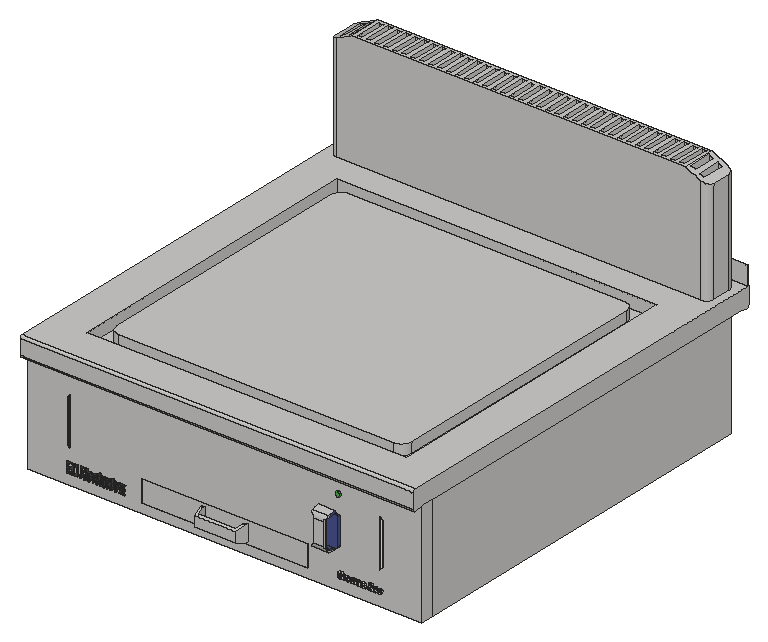
Revit family "QF_ELECTROLUXPROFESSIONAL_588504_MBLIBBHOPO", category Attrezzature speciali, Revit 2020 (continued)
Definition of nested family "Front_Panel_W800_One Knobs Right_Spie"
  Definition of nested family "ELX_Professional_Logo_Small"
    Forms (mm)
      Extrusion 2, solid, material <- "Material_Logo"
        sketch origin (15.5, 0, 0) x (1, 0, 0) y (0, 1, 0)
          loop
            spline (-42.99, -1.24) -> (-43.195, -1.231) -> (-43.415, -1.203) -> (-43.642, -1.152) -> (-43.87, -1.074) -> (-44.095, -0.966) -> (-44.309, -0.825) -> (-44.506, -0.647) -> (-44.681, -0.429) -> (-44.828, -0.167) -> (-44.94, 0.142) -> (-45.011, 0.501) -> (-45.037, 0.915)
            line (-45.037, 0.915) -> (-45.037, 2.748) -> (-38.984, 2.748) -> (-38.984, 5.086) -> (-45.038, 5.086) -> (-45.038, 8.489) -> (-38.599, 8.489) -> (-38.599, 10.82) -> (-47.515, 10.82) -> (-47.515, 1.021)
            spline (-47.515, 1.021) -> (-47.493, 0.418) -> (-47.425, -0.15) -> (-47.311, -0.682) -> (-47.15, -1.175) -> (-46.939, -1.628) -> (-46.678, -2.038) -> (-46.365, -2.404) -> (-46, -2.723) -> (-45.58, -2.995) -> (-45.105, -3.216) -> (-44.573, -3.385) -> (-43.983, -3.499)
            line (-43.983, -3.499) -> (-43.01, -3.569) -> (-38.426, -3.569) -> (-38.426, -1.24) -> (-42.99, -1.24)
          loop
            line (-36.666, 4.021) -> (-36.666, -3.573) -> (-34.188, -3.573) -> (-34.188, 10.824) -> (-36.666, 10.824) -> (-36.666, 4.021)
          loop
            spline (-21.915, 1.897) -> (-21.957, 2.615) -> (-22.082, 3.303) -> (-22.285, 3.955) -> (-22.563, 4.564) -> (-22.913, 5.124) -> (-23.331, 5.629) -> (-23.814, 6.074) -> (-24.359, 6.451) -> (-24.961, 6.755) -> (-25.618, 6.98) -> (-26.326, 7.119) -> (-27.081, 7.167)
            spline (-27.081, 7.167) -> (-27.853, 7.122) -> (-28.586, 6.99) -> (-29.275, 6.774) -> (-29.915, 6.478) -> (-30.5, 6.104) -> (-31.024, 5.657) -> (-31.483, 5.138) -> (-31.871, 4.553) -> (-32.182, 3.904) -> (-32.411, 3.194) -> (-32.552, 2.427) -> (-32.6, 1.606)
            spline (-32.6, 1.606) -> (-32.553, 0.805) -> (-32.416, 0.057) -> (-32.193, -0.637) -> (-31.887, -1.271) -> (-31.504, -1.843) -> (-31.048, -2.35) -> (-30.523, -2.788) -> (-29.934, -3.154) -> (-29.284, -3.444) -> (-28.579, -3.656) -> (-27.822, -3.785) -> (-27.019, -3.829)
            spline (-27.019, -3.829) -> (-26.627, -3.82) -> (-26.239, -3.79) -> (-25.856, -3.739) -> (-25.477, -3.663) -> (-25.103, -3.562) -> (-24.734, -3.432) -> (-24.369, -3.273) -> (-24.01, -3.082) -> (-23.655, -2.858) -> (-23.305, -2.597) -> (-22.96, -2.299) -> (-22.621, -1.962)
            line (-22.621, -1.962) -> (-24.114, -0.509)
            spline (-24.114, -0.509) -> (-24.311, -0.699) -> (-24.509, -0.872) -> (-24.71, -1.03) -> (-24.915, -1.172) -> (-25.126, -1.297) -> (-25.346, -1.407) -> (-25.576, -1.5) -> (-25.817, -1.576) -> (-26.072, -1.636) -> (-26.342, -1.678) -> (-26.629, -1.704) -> (-26.936, -1.713)
            spline (-26.936, -1.713) -> (-27.384, -1.691) -> (-27.805, -1.625) -> (-28.196, -1.518) -> (-28.556, -1.372) -> (-28.882, -1.187) -> (-29.174, -0.966) -> (-29.429, -0.71) -> (-29.645, -0.422) -> (-29.821, -0.102) -> (-29.955, 0.247) -> (-30.045, 0.623) -> (-30.089, 1.026)
            line (-30.089, 1.026) -> (-21.956, 1.026) -> (-21.915, 1.897)
          loop
            spline (-24.446, 2.769) -> (-24.47, 3.075) -> (-24.54, 3.37) -> (-24.654, 3.65) -> (-24.807, 3.913) -> (-24.996, 4.156) -> (-25.219, 4.376) -> (-25.472, 4.57) -> (-25.753, 4.736) -> (-26.057, 4.869) -> (-26.382, 4.968) -> (-26.724, 5.03) -> (-27.081, 5.051)
            spline (-27.081, 5.051) -> (-27.464, 5.03) -> (-27.832, 4.97) -> (-28.183, 4.872) -> (-28.513, 4.74) -> (-28.819, 4.577) -> (-29.099, 4.384) -> (-29.347, 4.165) -> (-29.563, 3.923) -> (-29.742, 3.659) -> (-29.881, 3.377) -> (-29.977, 3.079) -> (-30.027, 2.769)
            line (-30.027, 2.769) -> (-24.446, 2.769)
          loop
            spline (-18.167, 1.669) -> (-18.138, 2.13) -> (-18.055, 2.567) -> (-17.921, 2.978) -> (-17.739, 3.358) -> (-17.512, 3.705) -> (-17.243, 4.016) -> (-16.937, 4.287) -> (-16.596, 4.517) -> (-16.223, 4.7) -> (-15.823, 4.835) -> (-15.398, 4.919) -> (-14.951, 4.947)
            spline (-14.951, 4.947) -> (-14.677, 4.938) -> (-14.414, 4.913) -> (-14.162, 4.871) -> (-13.921, 4.812) -> (-13.69, 4.738) -> (-13.467, 4.649) -> (-13.254, 4.544) -> (-13.048, 4.424) -> (-12.85, 4.291) -> (-12.659, 4.143) -> (-12.474, 3.981) -> (-12.295, 3.806)
            line (-12.295, 3.806) -> (-10.76, 5.403)
            spline (-10.76, 5.403) -> (-11.065, 5.709) -> (-11.38, 5.984) -> (-11.703, 6.228) -> (-12.035, 6.443) -> (-12.375, 6.63) -> (-12.723, 6.788) -> (-13.078, 6.92) -> (-13.44, 7.026) -> (-13.809, 7.107) -> (-14.184, 7.164) -> (-14.564, 7.198) -> (-14.951, 7.209)
            spline (-14.951, 7.209) -> (-15.725, 7.161) -> (-16.467, 7.02) -> (-17.169, 6.792) -> (-17.826, 6.482) -> (-18.43, 6.096) -> (-18.976, 5.637) -> (-19.455, 5.112) -> (-19.862, 4.525) -> (-20.19, 3.882) -> (-20.433, 3.189) -> (-20.584, 2.449) -> (-20.635, 1.669)
            spline (-20.635, 1.669) -> (-20.584, 0.889) -> (-20.433, 0.149) -> (-20.19, -0.545) -> (-19.862, -1.187) -> (-19.455, -1.774) -> (-18.976, -2.299) -> (-18.43, -2.758) -> (-17.826, -3.145) -> (-17.169, -3.454) -> (-16.467, -3.682) -> (-15.725, -3.823) -> (-14.951, -3.871)
            spline (-14.951, -3.871) -> (-14.564, -3.86) -> (-14.184, -3.826) -> (-13.809, -3.77) -> (-13.44, -3.689) -> (-13.078, -3.583) -> (-12.723, -3.451) -> (-12.375, -3.292) -> (-12.035, -3.105) -> (-11.703, -2.89) -> (-11.38, -2.646) -> (-11.065, -2.371) -> (-10.76, -2.066)
            line (-10.76, -2.066) -> (-12.295, -0.468)
            spline (-12.295, -0.468) -> (-12.474, -0.643) -> (-12.659, -0.805) -> (-12.85, -0.953) -> (-13.048, -1.087) -> (-13.254, -1.206) -> (-13.467, -1.311) -> (-13.69, -1.4) -> (-13.921, -1.475) -> (-14.162, -1.533) -> (-14.414, -1.575) -> (-14.677, -1.6) -> (-14.951, -1.609)
            spline (-14.951, -1.609) -> (-15.398, -1.581) -> (-15.823, -1.497) -> (-16.223, -1.362) -> (-16.596, -1.179) -> (-16.937, -0.95) -> (-17.243, -0.678) -> (-17.512, -0.367) -> (-17.739, -0.02) -> (-17.921, 0.36) -> (-18.055, 0.771) -> (-18.138, 1.208) -> (-18.167, 1.669)
          loop
            spline (-4.441, -1.243) -> (-4.659, -1.247) -> (-4.894, -1.23) -> (-5.137, -1.19) -> (-5.384, -1.121) -> (-5.628, -1.021) -> (-5.864, -0.884) -> (-6.084, -0.708) -> (-6.283, -0.488) -> (-6.454, -0.219) -> (-6.592, 0.101) -> (-6.69, 0.478) -> (-6.742, 0.914)
            line (-6.742, 0.914) -> (-6.742, 4.587) -> (-4.487, 4.587) -> (-4.487, 6.838) -> (-6.738, 6.838) -> (-6.738, 10.824) -> (-9.217, 10.824) -> (-9.217, 0.773)
            spline (-9.217, 0.773) -> (-9.164, 0.19) -> (-9.068, -0.358) -> (-8.928, -0.87) -> (-8.742, -1.343) -> (-8.511, -1.777) -> (-8.232, -2.168) -> (-7.904, -2.515) -> (-7.527, -2.816) -> (-7.098, -3.069) -> (-6.618, -3.273) -> (-6.084, -3.426) -> (-5.496, -3.525)
            line (-5.496, -3.525) -> (-4.45, -3.573) -> (-4.441, -1.243)
          loop
            spline (3.898, 6.983) -> (3.469, 7.009) -> (3.056, 7.001) -> (2.661, 6.961) -> (2.283, 6.888) -> (1.925, 6.785) -> (1.588, 6.652) -> (1.272, 6.49) -> (0.979, 6.301) -> (0.71, 6.085) -> (0.465, 5.844) -> (0.247, 5.578) -> (0.056, 5.289)
            line (0.056, 5.289) -> (0.056, 6.838) -> (-2.402, 6.838) -> (-2.402, -3.572) -> (0.056, -3.572) -> (0.056, 1.901)
            spline (0.056, 1.901) -> (0.079, 2.316) -> (0.145, 2.703) -> (0.254, 3.06) -> (0.404, 3.386) -> (0.592, 3.679) -> (0.818, 3.938) -> (1.08, 4.162) -> (1.375, 4.348) -> (1.703, 4.495) -> (2.062, 4.602) -> (2.45, 4.668) -> (2.865, 4.69)
            line (2.865, 4.69) -> (3.898, 4.586) -> (3.898, 6.983)
          loop
            spline (15.638, 1.633) -> (15.586, 2.396) -> (15.435, 3.124) -> (15.192, 3.81) -> (14.863, 4.449) -> (14.455, 5.034) -> (13.975, 5.56) -> (13.43, 6.021) -> (12.826, 6.411) -> (12.17, 6.724) -> (11.469, 6.955) -> (10.729, 7.098) -> (9.958, 7.147)
            spline (9.958, 7.147) -> (9.182, 7.098) -> (8.44, 6.955) -> (7.737, 6.724) -> (7.081, 6.411) -> (6.477, 6.021) -> (5.933, 5.56) -> (5.454, 5.034) -> (5.048, 4.449) -> (4.721, 3.81) -> (4.479, 3.124) -> (4.329, 2.396) -> (4.277, 1.633)
            spline (4.277, 1.633) -> (4.329, 0.869) -> (4.479, 0.141) -> (4.721, -0.544) -> (5.048, -1.183) -> (5.454, -1.768) -> (5.933, -2.294) -> (6.477, -2.755) -> (7.081, -3.145) -> (7.737, -3.459) -> (8.44, -3.69) -> (9.182, -3.833) -> (9.958, -3.882)
            spline (9.958, -3.882) -> (10.729, -3.833) -> (11.469, -3.69) -> (12.17, -3.459) -> (12.826, -3.145) -> (13.43, -2.755) -> (13.975, -2.294) -> (14.455, -1.768) -> (14.863, -1.183) -> (15.192, -0.544) -> (15.435, 0.141) -> (15.586, 0.869) -> (15.638, 1.633)
          loop
            spline (13.18, 1.633) -> (13.151, 2.083) -> (13.067, 2.513) -> (12.932, 2.918) -> (12.748, 3.296) -> (12.52, 3.642) -> (12.251, 3.954) -> (11.943, 4.227) -> (11.601, 4.459) -> (11.228, 4.645) -> (10.828, 4.782) -> (10.403, 4.867) -> (9.958, 4.896)
            spline (9.958, 4.896) -> (9.509, 4.867) -> (9.081, 4.782) -> (8.679, 4.645) -> (8.306, 4.459) -> (7.964, 4.227) -> (7.658, 3.954) -> (7.39, 3.642) -> (7.163, 3.296) -> (6.981, 2.918) -> (6.847, 2.513) -> (6.765, 2.083) -> (6.736, 1.633)
            spline (6.736, 1.633) -> (6.765, 1.182) -> (6.847, 0.753) -> (6.981, 0.347) -> (7.163, -0.031) -> (7.39, -0.377) -> (7.658, -0.689) -> (7.964, -0.962) -> (8.306, -1.193) -> (8.679, -1.38) -> (9.081, -1.517) -> (9.509, -1.602) -> (9.958, -1.631)
            spline (9.958, -1.631) -> (10.403, -1.602) -> (10.828, -1.517) -> (11.228, -1.38) -> (11.601, -1.193) -> (11.943, -0.962) -> (12.251, -0.689) -> (12.52, -0.377) -> (12.748, -0.031) -> (12.932, 0.347) -> (13.067, 0.753) -> (13.151, 1.182) -> (13.18, 1.633)
          loop
            line (17.162, 4.269) -> (17.162, -3.573) -> (19.642, -3.573) -> (19.642, 10.824) -> (17.162, 10.824) -> (17.162, 4.269)
          loop
            line (28.581, 6.838) -> (28.581, 0.786)
            spline (28.581, 0.786) -> (28.561, 0.393) -> (28.503, 0.038) -> (28.409, -0.279) -> (28.281, -0.559) -> (28.122, -0.802) -> (27.933, -1.011) -> (27.717, -1.185) -> (27.476, -1.325) -> (27.213, -1.433) -> (26.929, -1.509) -> (26.626, -1.554) -> (26.308, -1.569)
            spline (26.308, -1.569) -> (25.99, -1.554) -> (25.688, -1.509) -> (25.404, -1.434) -> (25.141, -1.326) -> (24.9, -1.187) -> (24.684, -1.014) -> (24.496, -0.807) -> (24.336, -0.565) -> (24.209, -0.288) -> (24.115, 0.026) -> (24.057, 0.376) -> (24.037, 0.765)
            line (24.037, 0.765) -> (24.037, 6.838) -> (21.537, 6.838) -> (21.537, 0.558)
            spline (21.537, 0.558) -> (21.581, -0.153) -> (21.71, -0.8) -> (21.916, -1.384) -> (22.195, -1.904) -> (22.54, -2.362) -> (22.944, -2.757) -> (23.403, -3.09) -> (23.909, -3.362) -> (24.456, -3.572) -> (25.04, -3.722) -> (25.652, -3.811) -> (26.288, -3.841)
            spline (26.288, -3.841) -> (26.929, -3.811) -> (27.547, -3.72) -> (28.135, -3.568) -> (28.687, -3.355) -> (29.197, -3.079) -> (29.66, -2.741) -> (30.068, -2.341) -> (30.415, -1.877) -> (30.696, -1.349) -> (30.905, -0.757) -> (31.034, -0.101) -> (31.079, 0.621)
            line (31.079, 0.621) -> (31.079, 6.838) -> (28.581, 6.838)
          loop
            line (40.457, -0.243) -> (38.894, 1.942) -> (40.83, 4.579) -> (42.488, 6.837) -> (39.782, 6.837) -> (37.53, 3.719) -> (35.258, 6.837) -> (32.573, 6.837) -> (34.113, 4.731) -> (36.167, 1.922) -> (34.014, -1.076) -> (32.222, -3.573) -> (34.887, -3.573) -> (37.53, 0.104) -> (40.174, -3.573) -> (42.839, -3.573) -> (40.457, -0.243)
          loop
            line (-46.121, -5.837) -> (-48.039, -5.837) -> (-48.039, -10.814) -> (-47.016, -10.814) -> (-47.016, -9.128) -> (-46.121, -9.128)
            arc (-46.121, -9.128) -> (-44.476, -7.482) -> (-46.121, -5.837) r 1.645
          loop
            line (-46.163, -6.778) -> (-47.016, -6.778) -> (-47.016, -8.187) -> (-46.163, -8.187)
            arc (-46.163, -8.187) -> (-45.458, -7.482) -> (-46.163, -6.778) r 0.704
          loop
            line (-38.313, -5.837) -> (-40.265, -5.837) -> (-40.265, -10.814) -> (-39.241, -10.814) -> (-39.241, -9.1) -> (-38.46, -9.182) -> (-37.48, -10.814) -> (-36.318, -10.814) -> (-37.513, -8.848)
            arc (-37.513, -8.848) -> (-36.888, -8.266) -> (-36.671, -7.441) r 1.536
            arc (-36.671, -7.441) -> (-37.165, -6.305) -> (-38.313, -5.837) r 1.643
          loop
            arc (-38.402, -8.166) -> (-37.707, -7.505) -> (-38.334, -6.778) r 0.696
            line (-38.334, -6.778) -> (-39.241, -6.778) -> (-39.241, -8.166) -> (-38.402, -8.166)
          loop
            circle (-29.965, -8.325) r 2.585
          loop
            circle (-29.965, -8.325) r 1.64
          loop
            line (-23.1, -5.837) -> (-23.1, -10.814) -> (-22.076, -10.814) -> (-22.076, -8.768) -> (-20.204, -8.768) -> (-20.204, -7.828) -> (-22.076, -7.828) -> (-22.076, -6.778) -> (-20.024, -6.778) -> (-20.024, -5.837) -> (-23.1, -5.837)
          loop
            line (-15.802, -5.837) -> (-15.802, -9.2)
            arc (-15.802, -9.2) -> (-15.343, -10.34) -> (-14.209, -10.814) r 1.593
            line (-14.209, -10.814) -> (-12.602, -10.814) -> (-12.602, -10.027) -> (-14.004, -10.027)
            arc (-14.004, -10.027) -> (-14.552, -9.8) -> (-14.779, -9.252) r 0.775
            line (-14.779, -9.252) -> (-14.779, -8.424) -> (-12.789, -8.424) -> (-12.789, -7.642) -> (-14.779, -7.642) -> (-14.779, -6.778) -> (-12.651, -6.778) -> (-12.651, -5.837) -> (-15.802, -5.837)
          loop
            line (-5.909, -7.143) -> (-5.173, -6.638)
            arc (-5.173, -6.638) -> (-5.855, -5.974) -> (-6.781, -5.755) r 1.782
            arc (-6.781, -5.755) -> (-7.397, -5.878) -> (-7.944, -6.189) r 1.974
            arc (-7.944, -6.189) -> (-8.202, -6.5) -> (-8.317, -6.888) r 1.013
            arc (-8.317, -6.888) -> (-8.306, -7.341) -> (-8.192, -7.78) r 1.985
            arc (-8.192, -7.78) -> (-7.749, -8.259) -> (-7.171, -8.563) r 1.928
            arc (-7.171, -8.563) -> (-6.637, -8.779) -> (-6.131, -9.056) r 5.041
            arc (-6.131, -9.056) -> (-5.934, -9.387) -> (-6.09, -9.74) r 0.42
            arc (-6.09, -9.74) -> (-6.631, -9.96) -> (-7.204, -9.845) r 1.016
            arc (-7.204, -9.845) -> (-7.625, -9.603) -> (-7.889, -9.196) r 1.033
            line (-7.889, -9.196) -> (-8.67, -9.686)
            arc (-8.67, -9.686) -> (-8.361, -10.198) -> (-7.908, -10.589) r 1.914
            arc (-7.908, -10.589) -> (-7.334, -10.834) -> (-6.714, -10.896) r 2.063
            arc (-6.714, -10.896) -> (-5.947, -10.743) -> (-5.256, -10.376) r 2.696
            arc (-5.256, -10.376) -> (-4.95, -9.565) -> (-5.108, -8.712) r 1.618
            arc (-5.108, -8.712) -> (-5.448, -8.319) -> (-5.884, -8.035) r 1.876
            arc (-5.884, -8.035) -> (-6.434, -7.789) -> (-6.999, -7.577) r 9.883
            arc (-6.999, -7.577) -> (-7.325, -7.07) -> (-6.854, -6.694) r 0.45
            arc (-6.854, -6.694) -> (-6.329, -6.809) -> (-5.909, -7.143) r 1.197
          loop
            line (1.61, -7.143) -> (2.345, -6.638)
            arc (2.345, -6.638) -> (1.663, -5.974) -> (0.737, -5.755) r 1.782
            arc (0.737, -5.755) -> (0.121, -5.878) -> (-0.425, -6.189) r 1.974
            arc (-0.425, -6.189) -> (-0.683, -6.5) -> (-0.799, -6.888) r 1.013
            arc (-0.799, -6.888) -> (-0.788, -7.341) -> (-0.674, -7.78) r 1.985
            arc (-0.674, -7.78) -> (-0.231, -8.259) -> (0.347, -8.563) r 1.928
            arc (0.347, -8.563) -> (0.881, -8.779) -> (1.387, -9.056) r 5.041
            arc (1.387, -9.056) -> (1.584, -9.387) -> (1.428, -9.74) r 0.42
            arc (1.428, -9.74) -> (0.887, -9.96) -> (0.314, -9.845) r 1.016
            arc (0.314, -9.845) -> (-0.107, -9.603) -> (-0.371, -9.196) r 1.033
            line (-0.371, -9.196) -> (-1.152, -9.686)
            arc (-1.152, -9.686) -> (-0.842, -10.198) -> (-0.39, -10.589) r 1.914
            arc (-0.39, -10.589) -> (0.184, -10.834) -> (0.804, -10.896) r 2.063
            arc (0.804, -10.896) -> (1.572, -10.743) -> (2.263, -10.376) r 2.696
            arc (2.263, -10.376) -> (2.568, -9.565) -> (2.411, -8.712) r 1.618
            arc (2.411, -8.712) -> (2.07, -8.319) -> (1.635, -8.035) r 1.876
            arc (1.635, -8.035) -> (1.084, -7.789) -> (0.519, -7.577) r 9.883
            arc (0.519, -7.577) -> (0.193, -7.07) -> (0.665, -6.694) r 0.45
            arc (0.665, -6.694) -> (1.189, -6.809) -> (1.61, -7.143) r 1.197
          loop
            line (6.801, -5.837) -> (6.801, -10.814) -> (7.825, -10.814) -> (7.825, -5.837) -> (6.801, -5.837)
          loop
            circle (14.724, -8.325) r 1.548
          loop
            circle (14.724, -8.325) r 2.585
          loop
            line (21.59, -10.814) -> (22.623, -10.814) -> (22.623, -7.685) -> (24.9, -10.814) -> (25.895, -10.814) -> (25.895, -5.837) -> (24.861, -5.837) -> (24.861, -9.061) -> (22.585, -5.837) -> (21.59, -5.837) -> (21.59, -10.814)
          loop
            line (31.054, -10.814) -> (31.539, -9.74) -> (33.38, -9.74) -> (33.865, -10.814) -> (34.965, -10.814) -> (32.46, -5.837) -> (29.956, -10.814) -> (31.054, -10.814)
          loop
            line (32.46, -7.698) -> (31.999, -8.719) -> (32.921, -8.719) -> (32.46, -7.698)
          loop
            line (40.047, -9.873) -> (40.047, -5.837) -> (39.024, -5.837) -> (39.024, -10.814) -> (41.961, -10.814) -> (41.961, -9.873) -> (40.047, -9.873)
          loop
            line (-74.986, -10.814) -> (-53.322, -10.814) -> (-53.322, 10.82) -> (-74.986, 10.82) -> (-74.986, -10.814)
          loop
            line (-61.261, 9.758) -> (-61.261, -9.707)
            arc (-61.261, -9.707) -> (-54.066, 0.025) -> (-61.261, 9.758) r 10.18
          loop
            line (-62.251, 8.349) -> (-62.251, 9.758)
            arc (-62.251, 9.758) -> (-70.347, 7.918) -> (-74.247, 0.59) r 9.976
            line (-74.247, 0.59) -> (-71.026, 0.59)
            arc (-71.026, 0.59) -> (-65.274, 2.925) -> (-62.251, 8.349) r 9.351
          loop
            arc (-74.247, -0.539) -> (-70.353, -7.928) -> (-62.251, -9.957) r 10.237
            line (-62.251, -9.957) -> (-62.251, -8.298)
            arc (-62.251, -8.298) -> (-65.274, -2.874) -> (-71.026, -0.539) r 9.351
            line (-71.026, -0.539) -> (-74.247, -0.539)
        from 0 to 1.644
    Dimensions and locks
      aligned and locked: plane 2 to Extrusion 1
      aligned and locked: level to Extrusion 1
